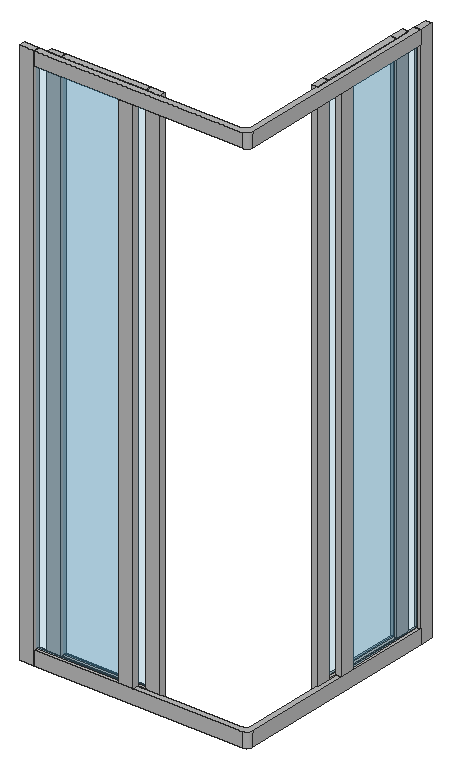
Revit family
Parameters (values of type "Ifö Solid, Toned glass, Aluminium profiles, 800mmx800mm")
  Width = 800 mm
  Vertical Profile Width = 20 mm
  Vertical Profile Height = 50 mm
  VVS Number = "673861482"
  URL = "www.maxsibbern.dk"
  Reseller = "Max Sibbern A/S"
  Profiles Top_Bottom = yes
  Profile Material = Ifö_Aluminium
  Pane Material = Ifö_Toned Glass
  Pane Height = if(Profiles Top_Bottom, (Height - 100 mm), Height)  # 1850 mm
  Model = "Ifö Sohwer Corner, Rectangular"
  Manufacturer = "Ifö"
  Length = 800 mm
  Ifö Number = "0606083"
  Height = 1950 mm
  Handles = no
  Half Width = (Width / 2)  # 400 mm
  Half Length = (Length / 2)  # 400 mm
  Frame Profie Width = 20 mm
  Frame Profie Height = 50 mm
  CE Labeling = "yes"
  Assembly Code = "D2010"
Types (5, lengths in mm): name | VVS Number | Profile Material | Pane Material | Ifö Number
  Ifö Solid, Clear glass, White profiles, 800mmx800mm | "673861080" | Ifö_White Aluminium | Ifö_Glass | "0606080"
  Ifö Solid, Clear glass, Aluminium profiles, 800mmx800mm | "673861082" | Ifö_Aluminium | Ifö_Glass | "0606081"
  Ifö Solid, Printed glass, White profiles, 800mmx800mm | "673861280" | Ifö_White Aluminium | Ifö_Printed Glass | "0606082"
  Ifö Solid, Printed glass, Aluminium profiles, 800mmx800mm | "673861282" | Ifö_Aluminium | Ifö_Printed Glass | "0606085"
  Ifö Solid, Toned glass, Aluminium profiles, 800mmx800mm | "673861482" | Ifö_Aluminium | Ifö_Toned Glass | "0606083"
Reference planes
  plane 1 "Front": y = 90
  plane 2: z = 0
  plane 3 "Right": x = -90
  plane 4: z = 1950
  plane 5: z = 1900
  plane 6: z = 50
  plane 7 "Center (Left/Right)": x = -900
  plane 8: x = -850
  plane 9: x = -500
  plane 10: x = -550
  plane 11: y = 110
  plane 12: x = -419.725
  plane 13: x = -469.725
  plane 14: x = -819.725
  plane 15: x = -769.725
  plane 16: x = -619.725
  plane 17: y = 100
  plane 18: y = 110
  plane 19: y = 90
  plane 20: y = 102
  plane 21: y = 98
  plane 22: y = 130
  plane 23: y = 120
  plane 24: y = 118
  plane 25: y = 122
  plane 26: y = 130
  plane 27: y = 110
  plane 28: x = -110
  plane 29: y = 850
  plane 30 "Center (Front/Back)": y = 900
  plane 31: x = -100
  plane 32: x = -102
  plane 33: x = -98
  plane 34: y = 500
  plane 35: y = 550
  plane 36: y = 620
  plane 37: y = 820
  plane 38: y = 420
  plane 39: y = 470
  plane 40: y = 770
  plane 41: x = -90
  plane 42: x = -110
  plane 43: x = -130
  plane 44: x = -120
  plane 45: x = -122
  plane 46: x = -118
  plane 47: x = -130
  plane 48: x = -110
  plane 49: z = 975
  plane 50: x = -499.725
  plane 51: y = 83
  plane 52: y = 500
  plane 53: x = -83
  plane 54: y = 110
  plane 55: y = 90
  plane 56: x = -100
  plane 57: x = -90
  plane 58: x = -110
  plane 59: z = 1900
  plane 60: z = 50
  plane 61: z = 1900
  plane 62: z = 50
Forms (mm)
  Extrusion 1, solid, material "Ifö_Aluminium" <- "Profile Material"
    sketch origin (0, 90, 0) x (1, 0, 0) y (0, 0, 1)
      loop
        line (-900, 1950) -> (-900, 0) -> (-850, 0) -> (-850, 1950) -> (-900, 1950)
    from -20 to 0
  Extrusion 2, solid, material "Ifö_Aluminium" <- "Profile Material"
    sketch origin (0, 90, 0) x (1, 0, 0) y (0, 0, 1)
      loop
        line (-469.725, 1950) -> (-469.725, 0) -> (-419.725, 0) -> (-419.725, 1950) -> (-469.725, 1950)
    from -40 to -20
  Extrusion 3, solid, material "Ifö_Aluminium" <- "Profile Material"
    sketch origin (0, 90, 0) x (1, 0, 0) y (0, 0, 1)
      loop
        line (-819.725, 1950) -> (-819.725, 0) -> (-769.725, 0) -> (-769.725, 1950) -> (-819.725, 1950)
    from -40 to -20
  Extrusion 4, solid, material "Ifö_Aluminium" <- "Profile Material", visible <- "Profiles Top_Bottom"
    sketch origin (0, 90, 0) x (1, 0, 0) y (0, 0, 1)
      loop
        line (-769.725, 50) -> (-769.725, 0) -> (-469.725, 0) -> (-469.725, 50) -> (-769.725, 50)
    from -40 to -20
  Extrusion 5, solid, material "Ifö_Aluminium" <- "Profile Material", visible <- "Profiles Top_Bottom"
    sketch origin (0, 90, 0) x (1, 0, 0) y (0, 0, 1)
      loop
        line (-769.725, 1950) -> (-769.725, 1900) -> (-469.725, 1900) -> (-469.725, 1950) -> (-769.725, 1950)
    from -20 to -40
  Extrusion 6, solid, material "Ifö_Toned Glass" <- "Pane Material"
    sketch origin (0, 90, 0) x (1, 0, 0) y (0, 0, 1)
      loop
        line (-850, 1900) -> (-850, 50) -> (-550, 50) -> (-550, 1900) -> (-850, 1900)
    from -12 to -8
  Extrusion 7, solid, material "Ifö_Toned Glass" <- "Pane Material"
    sketch origin (0, 90, 0) x (1, 0, 0) y (0, 0, 1)
      loop
        line (-769.725, 1900) -> (-769.725, 50) -> (-469.725, 50) -> (-469.725, 1900) -> (-769.725, 1900)
    from -32 to -28
  Extrusion 8, solid, material "Ifö_Aluminium" <- "Profile Material"
    sketch origin (0, 0, 0) x (1, 0, 0) y (0, 1, 0)
      loop
        line (-110, 900) -> (-110, 850) -> (-90, 850) -> (-90, 900) -> (-110, 900)
    from 0 to 1950
  Extrusion 9, solid, material "Ifö_Aluminium" <- "Profile Material"
    sketch origin (0, 0, 0) x (1, 0, 0) y (0, 1, 0)
      loop
        line (-110, 500) -> (-90, 500) -> (-90, 550) -> (-110, 550) -> (-110, 500)
    from 50 to 1900
  Extrusion 10, solid, material "Ifö_Toned Glass" <- "Pane Material"
    sketch origin (0, 0, 0) x (1, 0, 0) y (0, 1, 0)
      loop
        line (-98, 850) -> (-102, 850) -> (-102, 550) -> (-98, 550) -> (-98, 850)
    from 50 to 1900
  Extrusion 11, solid, material "Ifö_Aluminium" <- "Profile Material"
    sketch origin (0, 0, 0) x (1, 0, 0) y (0, 1, 0)
      loop
        line (-130, 770) -> (-110, 770) -> (-110, 820) -> (-130, 820) -> (-130, 770)
    from 0 to 1950
  Extrusion 12, solid, material "Ifö_Aluminium" <- "Profile Material"
    sketch origin (0, 0, 0) x (1, 0, 0) y (0, 1, 0)
      loop
        line (-130, 470) -> (-130, 420) -> (-110, 420) -> (-110, 470) -> (-130, 470)
    from 0 to 1950
  Extrusion 13, solid, material "Ifö_Aluminium" <- "Profile Material", visible <- "Profiles Top_Bottom"
    sketch origin (0, 0, 0) x (1, 0, 0) y (0, 1, 0)
      loop
        line (-110, 770) -> (-130, 770) -> (-130, 470) -> (-110, 470) -> (-110, 770)
    from 0 to 50
  Extrusion 14, solid, material "Ifö_Aluminium" <- "Profile Material", visible <- "Profiles Top_Bottom"
    sketch origin (0, 0, 0) x (1, 0, 0) y (0, 1, 0)
      loop
        line (-130, 770) -> (-130, 470) -> (-110, 470) -> (-110, 770) -> (-130, 770)
    from 1950 to 1900
  Extrusion 15, solid, material "Ifö_Toned Glass" <- "Pane Material"
    sketch origin (0, 0, 0) x (1, 0, 0) y (0, 1, 0)
      loop
        line (-118, 470) -> (-118, 770) -> (-122, 770) -> (-122, 470) -> (-118, 470)
    from 50 to 1900
  Extrusion 16, solid, material "Ifö_Aluminium" <- "Profile Material", visible <- "Handles"
    sketch origin (0, 90, 0) x (1, 0, 0) y (0, 0, 1)
      loop
        circle (-499.725, 975) r 20
    from -28 to 7
  Extrusion 17, solid, material "Ifö_Aluminium" <- "Profile Material", visible <- "Handles"
    sketch origin (-90, 0, 0) x (0, 1, 0) y (0, 0, 1)
      loop
        circle (500, 975) r 20
    from -28 to 7
  Extrusion 18, solid, material "Ifö_Aluminium" <- "Profile Material"
    sketch origin (0, 0, 0) x (0, -1, 0) y (1, 0, 0)
      loop
        line (-110, -500) -> (-110, -550) -> (-90, -550) -> (-90, -500) -> (-110, -500)
    from 50 to 1900
  Extrusion 19, solid, material "Ifö_Aluminium" <- "Profile Material"
    sketch origin (0, 0, 0) x (1, 0, 0) y (0, 1, 0)
      loop
        line (-850, 110) -> (-850, 90) -> (-110, 90)
        arc (-110, 90) -> (-95.858, 95.858) -> (-90, 110) r 20
        line (-90, 110) -> (-90, 850) -> (-110, 850) -> (-110, 130)
        arc (-110, 130) -> (-115.858, 115.858) -> (-130, 110) r 20
        line (-130, 110) -> (-850, 110)
    from 0 to 50
  Extrusion 20, solid, material "Ifö_Aluminium" <- "Profile Material"
    sketch origin (750, -1524, 1900) x (0, -1, 0) y (-1, 0, 0)
      loop
        line (-1634, 1600) -> (-1634, 880)
        arc (-1634, 880) -> (-1639.858, 865.858) -> (-1654, 860) r 20
        line (-1654, 860) -> (-2374, 860) -> (-2374, 840) -> (-1634, 840)
        arc (-1634, 840) -> (-1619.858, 845.858) -> (-1614, 860) r 20
        line (-1614, 860) -> (-1614, 1600) -> (-1634, 1600)
    from -50 to 0
Dimensions and locks
  "Height": plane 4 to plane 2
  locked: plane 6 to plane 2 at 50
  locked: plane 4 to plane 5 at 50
  "Width": plane 56 to plane 7 "Center (Left/Right)"
  locked: plane 8 to plane 7 "Center (Left/Right)" at 50
  equal spacing: plane 56, plane 9, plane 7 "Center (Left/Right)"
  "Vertical Profile Height": plane 9 to plane 10
  locked: plane 1 "Front" to plane 11 at 20
  "Vertical Profile Height": plane 12 to plane 13
  "Vertical Profile Height": plane 15 to plane 14
  equal spacing: plane 12, plane 16, plane 14
  "Half Width": plane 12 to plane 14
  locked: plane 9 to plane 16 at 119.725
  equal spacing: plane 11, plane 17, plane 1 "Front"
  equal spacing: plane 19, plane 17, plane 18
  "Vertical Profile Width": plane 19 to plane 18
  equal spacing: plane 20, plane 17, plane 21
  locked: plane 20 to plane 21 at 4
  locked: plane 22 to plane 11 at 20
  equal spacing: plane 22, plane 23, plane 11
  equal spacing: plane 25, plane 23, plane 24
  locked: plane 25 to plane 24 at 4
  equal spacing: plane 27, plane 23, plane 26
  "Vertical Profile Width": plane 26 to plane 27
  locked: plane 28 to plane 3 "Right" at 20
  locked: plane 30 "Center (Front/Back)" to plane 29 at 50
  equal spacing: plane 28, plane 31, plane 3 "Right"
  locked: plane 32 to plane 33 at 4
  equal spacing: plane 32, plane 31, plane 33
  "Length": plane 30 "Center (Front/Back)" to plane 17
  equal spacing: plane 30 "Center (Front/Back)", plane 34, plane 17
  "Vertical Profile Height": plane 35 to plane 34
  locked: plane 36 to plane 34 at 120
  equal spacing: plane 37, plane 36, plane 38
  "Half Length": plane 37 to plane 38
  "Vertical Profile Height": plane 39 to plane 38
  "Vertical Profile Height": plane 37 to plane 40
  equal spacing: plane 42, plane 31, plane 41
  "Vertical Profile Width": plane 42 to plane 41
  locked: plane 43 to plane 28 at 20
  equal spacing: plane 43, plane 44, plane 28
  locked: plane 45 to plane 46 at 4
  equal spacing: plane 45, plane 44, plane 46
  equal spacing: plane 47, plane 44, plane 48
  "Vertical Profile Width": plane 47 to plane 48
  equal spacing: plane 4, plane 49, plane 2
  locked: plane 13 to plane 50 at 30
  locked: plane 24 to plane 51 at 35
  locked: plane 39 to plane 52 at 30
  locked: plane 46 to plane 53 at 35
  equal spacing: plane 54, plane 17, plane 55
  "Frame Profie Width": plane 54 to plane 55
  equal spacing: plane 58, plane 56, plane 57
  "Frame Profie Width": plane 58 to plane 57
  "Frame Profie Height": plane 60 to level
  "Frame Profie Height": plane 4 to plane 59
  equal spacing: Extrusion 18 sketch curve, plane 17, Extrusion 18 sketch curve
  "Vertical Profile Width": Extrusion 18 sketch curve to Extrusion 18 sketch curve
  equal spacing: plane 61, plane 49, plane 62
  "Pane Height": plane 61 to plane 62
  plane 17 to plane 19 = 10 mm
  aligned and locked: level to plane 2
  aligned and locked: Extrusion 1 sketch curve to plane 7 "Center (Left/Right)"
  aligned and locked: Extrusion 1 sketch curve to plane 8
  aligned and locked: Extrusion 1 sketch curve to plane 2
  aligned and locked: Extrusion 1 sketch curve to plane 4
  aligned and locked: plane 11 to Extrusion 1
  aligned and locked: plane 1 "Front" to Extrusion 1
  aligned and locked: Extrusion 2 sketch curve to plane 13
  aligned and locked: Extrusion 2 sketch curve to plane 12
  aligned and locked: Extrusion 2 sketch curve to plane 4
  aligned and locked: Extrusion 2 sketch curve to plane 2
  aligned: Extrusion 2 to plane 1 "Front"
  aligned and locked: Extrusion 3 sketch curve to plane 14
  aligned and locked: Extrusion 3 sketch curve to plane 15
  aligned and locked: Extrusion 3 sketch curve to plane 4
  aligned and locked: Extrusion 3 sketch curve to plane 2
  aligned: Extrusion 3 to plane 1 "Front"
  aligned and locked: Extrusion 4 sketch curve to plane 6
  aligned and locked: Extrusion 4 sketch curve to plane 2
  aligned and locked: Extrusion 4 sketch curve to plane 13
  aligned and locked: Extrusion 4 sketch curve to plane 15
  aligned: Extrusion 4 to plane 1 "Front"
  aligned and locked: Extrusion 5 sketch curve to plane 4
  aligned and locked: Extrusion 5 sketch curve to plane 5
  aligned and locked: Extrusion 5 sketch curve to plane 13
  aligned and locked: Extrusion 5 sketch curve to plane 15
  aligned: Extrusion 5 to plane 1 "Front"
  aligned and locked: Extrusion 6 sketch curve to plane 8
  aligned and locked: Extrusion 6 sketch curve to plane 10
  aligned: plane 20 to Extrusion 6
  aligned: Extrusion 6 to plane 21
  aligned and locked: Extrusion 7 sketch curve to plane 15
  aligned and locked: Extrusion 7 sketch curve to plane 13
  aligned and locked: plane 11 to Extrusion 5
  aligned and locked: plane 22 to Extrusion 5
  aligned: plane 11 to Extrusion 3
  aligned: plane 22 to Extrusion 3
  aligned: plane 22 to Extrusion 2
  aligned: Extrusion 2 to plane 18
  aligned and locked: plane 22 to Extrusion 4
  aligned and locked: Extrusion 4 to plane 11
  aligned and locked: plane 25 to Extrusion 7
  aligned and locked: Extrusion 7 to plane 24
  aligned and locked: plane 27 to Extrusion 2
  aligned and locked: plane 26 to Extrusion 2
  aligned and locked: Extrusion 8 sketch curve to plane 30 "Center (Front/Back)"
  aligned and locked: Extrusion 8 sketch curve to plane 29
  aligned and locked: Extrusion 8 sketch curve to plane 3 "Right"
  aligned and locked: Extrusion 8 sketch curve to plane 28
  aligned and locked: Extrusion 8 to plane 2
  aligned and locked: plane 4 to Extrusion 8
  aligned and locked: Extrusion 9 sketch curve to plane 34
  aligned and locked: Extrusion 9 sketch curve to plane 35
  aligned: Extrusion 9 to plane 6
  aligned: Extrusion 9 to plane 5
  aligned and locked: Extrusion 10 sketch curve to plane 33
  aligned and locked: Extrusion 10 sketch curve to plane 32
  aligned and locked: Extrusion 10 sketch curve to plane 29
  aligned and locked: Extrusion 10 sketch curve to plane 35
  aligned: Extrusion 10 to plane 6
  aligned: Extrusion 10 to plane 5
  aligned and locked: Extrusion 11 sketch curve to plane 40
  aligned and locked: Extrusion 11 sketch curve to plane 37
  aligned: Extrusion 11 to plane 6
  aligned: Extrusion 11 to plane 5
  aligned and locked: plane 41 to Extrusion 9 sketch curve
  aligned and locked: plane 42 to Extrusion 9 sketch curve
  aligned and locked: plane 47 to Extrusion 12 sketch curve
  aligned and locked: plane 48 to Extrusion 12 sketch curve
  aligned and locked: Extrusion 12 sketch curve to plane 39
  aligned and locked: plane 38 to Extrusion 12 sketch curve
  aligned and locked: Extrusion 12 to plane 2
  aligned and locked: plane 4 to Extrusion 12
  aligned: Extrusion 11 to plane 2
  aligned: plane 4 to Extrusion 11
  aligned and locked: Extrusion 13 sketch curve to plane 28
  aligned and locked: Extrusion 13 sketch curve to plane 43
  aligned and locked: Extrusion 13 sketch curve to plane 39
  aligned and locked: Extrusion 13 sketch curve to plane 40
  aligned and locked: Extrusion 13 to plane 2
  aligned and locked: plane 6 to Extrusion 13
  aligned and locked: Extrusion 14 sketch curve to plane 40
  aligned and locked: Extrusion 14 sketch curve to plane 39
  aligned and locked: Extrusion 14 sketch curve to plane 28
  aligned and locked: Extrusion 14 sketch curve to plane 43
  aligned and locked: plane 4 to Extrusion 14
  aligned and locked: plane 5 to Extrusion 14
  aligned and locked: Extrusion 15 sketch curve to plane 46
  aligned and locked: Extrusion 15 sketch curve to plane 45
  aligned and locked: Extrusion 15 sketch curve to plane 40
  aligned and locked: Extrusion 15 sketch curve to plane 39
  aligned: Extrusion 15 to plane 6
  aligned: Extrusion 15 to plane 5
  aligned and locked: plane 50 to Extrusion 16 sketch curve
  aligned and locked: plane 49 to Extrusion 16 sketch curve
  aligned and locked: plane 24 to Extrusion 16
  aligned and locked: plane 52 to Extrusion 17 sketch curve
  aligned and locked: plane 49 to Extrusion 17 sketch curve
  aligned and locked: plane 46 to Extrusion 17
  aligned and locked: plane 53 to Extrusion 17
  aligned and locked: Extrusion 9 to plane 60
  aligned and locked: Extrusion 9 to plane 59
  aligned and locked: plane 26 to Extrusion 3
  aligned and locked: Extrusion 3 to Extrusion 2
  aligned and locked: plane 47 to Extrusion 11 sketch curve
  aligned and locked: Extrusion 11 sketch curve to Extrusion 12
  aligned and locked: Extrusion 10 to plane 59
  aligned and locked: Extrusion 10 to plane 60
  aligned and locked: Extrusion 6 sketch curve to plane 59
  aligned and locked: Extrusion 6 sketch curve to plane 60
  aligned and locked: Extrusion 18 to plane 60
  aligned and locked: Extrusion 18 to plane 59
  aligned and locked: plane 56 to plane 31
  aligned and locked: plane 54 to Extrusion 19 sketch curve
  aligned and locked: Extrusion 19 sketch curve to plane 8
  aligned and locked: plane 58 to Extrusion 19 sketch curve
  aligned and locked: Extrusion 19 sketch curve to plane 29
  aligned and locked: Extrusion 19 to Extrusion 6
  aligned and locked: plane 54 to Extrusion 20 sketch curve
  aligned and locked: Extrusion 20 sketch curve to plane 55
  aligned and locked: Extrusion 20 sketch curve to plane 8
  aligned and locked: Extrusion 20 sketch curve to plane 57
  aligned and locked: plane 58 to Extrusion 20 sketch curve
  aligned and locked: Extrusion 20 sketch curve to plane 29
  aligned and locked: plane 4 to Extrusion 20
  aligned and locked: Extrusion 20 to Extrusion 6
  aligned and locked: Extrusion 19 sketch curve to Extrusion 20
  aligned and locked: Extrusion 7 sketch curve to plane 61
  aligned and locked: Extrusion 7 sketch curve to plane 62
  aligned and locked: plane 61 to Extrusion 15
  aligned and locked: Extrusion 15 to plane 62
Automatic sketch dimensions
  Extrusion 11 sketch curve to plane 40 = 0 mm
  Extrusion 18 sketch curve to plane 9 = 0 mm
  Extrusion 18 sketch curve to plane 10 = 0 mm
  Extrusion 19 sketch curve to plane 58 = 20 mm
  plane 54 to Extrusion 20 sketch curve = 0 mm
  plane 54 to Extrusion 20 sketch curve = 20 mm
  radius of Extrusion 16 sketch curve = 20 mm
  radius of Extrusion 17 sketch curve = 20 mm
